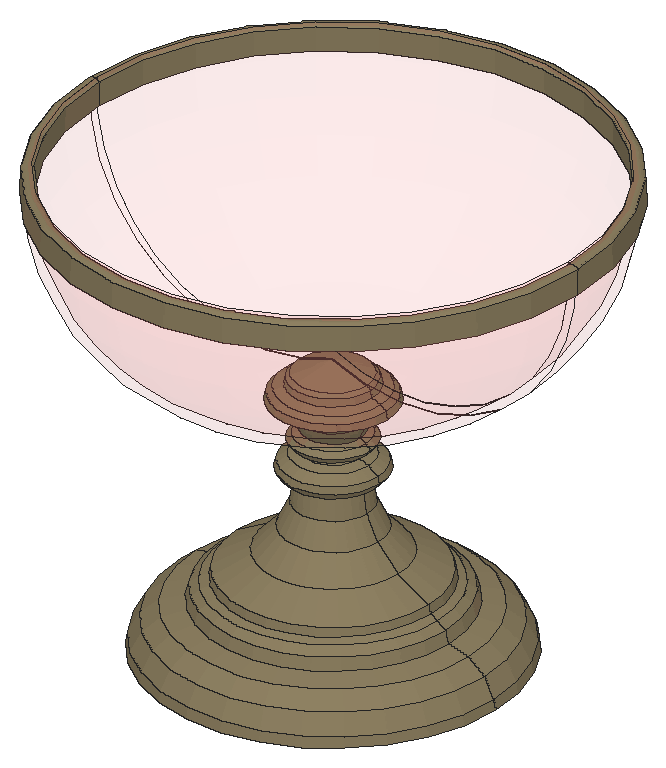
Revit family "GLASSBRONZE_BOWL_3906", category Generic Models, Revit 2020
Family settings
  Can host rebar = No
  Round Connector Dimension = Use Diameter
  Part Type = Undefined
  Work Plane-Based = No
  Always vertical = Yes
  Cut with Voids When Loaded = No
  Shared = No
  Room Calculation Point = No
Parameters
  Default Elevation = 0' - 0"
Reference planes (in)
  plane 1 "Center (Front/Back)": y = 0
  plane 2: z = 0
  plane 3 "Center (Left/Right)": x = 0
Forms (in)
  Revolve 1, solid, material "crystal red"
    sketch origin (0, 0, 0) x (1, 0, 0) y (0, 0, 1)
      loop
        arc (1.28736, 13.71026) -> (3.70448, 8.79648) -> (9.16313, 8.3596) r 5.5406
        line (9.16313, 8.3596) -> (9.16313, 8.63697)
        arc (9.16313, 8.63697) -> (3.83231, 9.0119) -> (1.54782, 13.84297) r 5.2906
        line (1.54782, 13.84297) -> (1.28736, 13.71026)
      axis (9.16313, 13.84297) -> (9.16313, 8.3596)
    angle from 0 to 360
  Revolve 2, solid, material "bronze69"
    sketch origin (0, 0, 0) x (1, 0, 0) y (0, 0, 1)
      loop
        arc (1.25457, 13.71026) -> (1.23389, 13.34839) -> (1.24036, 12.986) r 4.83993
        line (1.24036, 12.986) -> (1.57914, 13.00441)
        arc (1.57914, 13.00441) -> (1.57356, 13.35764) -> (1.59517, 13.71026) r 4.58993
        arc (1.59517, 13.71026) -> (1.42487, 13.78178) -> (1.25457, 13.71026) r 0.23851
      axis (9.16775, 12.986) -> (9.16775, 13.71026)
    angle from 0 to 360
  Revolve 3, solid, material "bronze69"
    sketch origin (0, 0, -0.2477) x (1, 0, 0) y (0, 0, 1)
      loop
        line (3.91242, 0.2477) -> (9.16242, 0.2477) -> (9.16242, 8.57209) -> (8.06525, 8.20589) -> (7.95706, 8.0977) -> (7.90713, 7.8977) -> (7.60752, 7.7977) -> (7.45772, 7.6477) -> (7.40779, 7.4477) -> (7.75732, 7.2977) -> (8.05693, 7.0477) -> (8.3066, 6.5977) -> (8.10686, 6.4977) -> (7.95706, 6.3477) -> (8.05693, 6.1977) -> (8.35653, 6.1477) -> (8.3066, 5.9977) -> (8.00699, 5.8977) -> (7.70739, 5.6977) -> (7.65746, 5.4977) -> (7.80726, 5.2977) -> (8.15679, 5.1477) -> (8.05693, 4.4977) -> (7.70739, 3.7977) -> (7.05825, 3.0977) -> (6.05957, 2.5477) -> (6.00964, 2.2977) -> (5.75997, 2.1977) -> (5.5103, 1.9977) -> (5.41043, 1.6477) -> (4.76129, 1.4977) -> (4.26195, 1.0977) -> (3.96235, 0.5477) -> (3.91242, 0.2477)
      axis (9.16242, 8.57209) -> (9.16242, 0.2477)
    angle from 0 to 360
